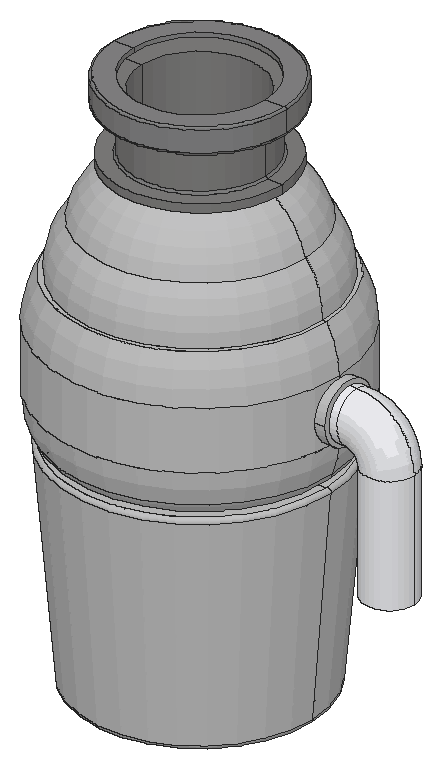
Revit family "Waste King Legend 8000", category Specialty Equipment, Revit 2012
Parameters (values of type "Legend 8000")
  URL = "http://www.waveplumbing.com/store/index.php?main_page=product_info&manufacturers_id=52&products_id=3409"
  Model = "Legend 8000"
  Manufacturer = "Waste King"
  Description = "1 HP Legend Series Garbage Disposer"
  Cost = 180
  Assembly Code = "E1090200"
Reference planes (in)
  plane 1 "Center (Front/Back)": y = 0
  plane 2: z = 0
  plane 3 "Center (Left/Right)": x = 0
  plane 4: x = 4.25
  plane 5: z = -9.5
  plane 6: z = -8
  plane 7: z = -6.5
  plane 8: z = -5
  plane 9: z = -3.5
  plane 10 "Drain": x = 4.5
  plane 11: z = -16.0625
Forms (in)
  Revolve 1, solid
    sketch origin (0, 0, 0) x (1, 0, 0) y (0, 0, 1)
      loop
        line (1.75, 0) -> (1.75, -2) -> (2.5, -2) -> (2.5, -1.75) -> (2.0625, -1.75)
        arc (2.0625, -1.75) -> (2.01831, -1.73169) -> (2, -1.6875) r 0.0625
        line (2, -1.6875) -> (2, -0.25) -> (2.5, -0.25) -> (2.5, 0) -> (1.75, 0)
      axis (0, 0) -> (0, -2)
    angle from 0 to 360
  Revolve 2, solid
    sketch origin (0, 0, 0) x (1, 0, 0) y (0, 0, 1)
      loop
        line (2.5, -0.25) -> (2, -0.25) -> (2, -0.375) -> (2.5625, -0.375)
        arc (2.5625, -0.375) -> (2.60669, -0.35669) -> (2.625, -0.3125) r 0.0625
        line (2.625, -0.3125) -> (2.625, 0.3125)
        arc (2.625, 0.3125) -> (2.60669, 0.35669) -> (2.5625, 0.375) r 0.0625
        line (2.5625, 0.375) -> (2, 0.375) -> (2, 0.25) -> (2.5, 0.25) -> (2.5, -0.25)
      axis (0, 0.375) -> (0, -0.375)
    angle from 0 to 360
  Revolve 3, solid
    sketch origin (0, 0, 0) x (1, 0, 0) y (0, 0, 1)
      loop
        arc (4.25, -6.32378) -> (4.13618, -5.63543) -> (3.84808, -5) r 2.67262
        line (3.84808, -5) -> (3.72308, -5)
        arc (3.72308, -5) -> (3.60668, -4.20116) -> (3.20658, -3.5) r 2.17195
        arc (3.20658, -3.5) -> (2.74659, -2.59774) -> (1.92906, -2) r 2.18392
        line (1.92906, -2) -> (1.88069, -2) -> (1.88069, -2.11526)
        arc (1.88069, -2.11526) -> (2.66107, -2.69019) -> (3.09191, -3.55847) r 2.05892
        arc (3.09191, -3.55847) -> (3.50432, -4.28971) -> (3.58851, -5.125) r 2.04695
        line (3.58851, -5.125) -> (3.77753, -5.125)
        arc (3.77753, -5.125) -> (4.02607, -5.70379) -> (4.125, -6.32586) r 2.54762
        line (4.125, -6.32586) -> (4.125, -8.0729)
        arc (4.125, -8.0729) -> (4.06645, -8.5585) -> (3.90832, -9.02135) r 2.34181
        arc (3.90832, -9.02135) -> (3.74094, -9.24276) -> (3.4969, -9.375) r 0.65513
        line (3.4969, -9.375) -> (0, -9.375) -> (0, -9.5) -> (3.51392, -9.5)
        arc (3.51392, -9.5) -> (3.81534, -9.34357) -> (4.02174, -9.07389) r 0.78013
        arc (4.02174, -9.07389) -> (4.18842, -8.58587) -> (4.25, -8.07385) r 2.46681
        line (4.25, -8.07385) -> (4.25, -6.32378)
      axis (0, -2) -> (0, -9.5)
    angle from 0 to 360
  Extrusion 4, solid
    sketch origin (4.5, 0, 0) x (0, 0, 1) y (0, -1, 0)
      loop
        circle (-7.25, 0) r 0.875
    from 0 to -0.54667
  Sweep 5, solid
    path origin (0, 0, 0) x (1, 0, 0) y (0, 0, 1)
      loop
        line (4.5, -7.25) -> (4.75, -7.25)
        arc (4.75, -7.25) -> (5.45711, -7.54289) -> (5.75, -8.25) r 1
        line (5.75, -8.25) -> (5.75, -11.75)
    profile origin (4.625, 0, -7.25) x (0, 0, 1) y (0, -1, 0)
      loop
        circle (0, 0) r 0.75
  Sweep 6, void
    path origin (0, 0, 0) x (1, 0, 0) y (0, 0, 1)
      loop
        line (4.5, -7.25) -> (4.75, -7.25)
        arc (4.75, -7.25) -> (5.45711, -7.54289) -> (5.75, -8.25) r 1
        line (5.75, -8.25) -> (5.75, -11.75)
    profile origin (4.625, 0, -7.25) x (0, 0, 1) y (0, -1, 0)
      loop
        circle (0, 0) r 0.625
  Revolve 7, solid
    sketch origin (0, 0, 0) x (1, 0, 0) y (0, 0, 1)
      loop
        line (0, -9.5) -> (0, -16.0625) -> (3.29635, -16.0625)
        arc (3.29635, -16.0625) -> (3.3808, -16.02966) -> (3.42087, -15.94839) r 0.125
        line (3.42087, -15.94839) -> (3.97314, -9.63589)
        arc (3.97314, -9.63589) -> (3.94078, -9.54055) -> (3.84862, -9.5) r 0.125
        line (3.84862, -9.5) -> (0, -9.5)
      axis (0, -9.5) -> (0, -16.0625)
    angle from 0 to 360
Cuts and joins
  Sweep 6 cuts Revolve 3
  Sweep 6 cuts Extrusion 4
  joined: Revolve 3, Extrusion 4
  Sweep 6 cuts Sweep 5
Lines and regions (in)
  symbolic lines, style "SpecialityEquipmentHiddenLines"
    curve 1: circle (0, 0, 0) r 4.25 normal (0, 0, 1)
Dimensions and locks (in)
  aligned and locked: level to plane 2
  aligned and locked: Revolve 1 sketch curve to level
  aligned and locked: Revolve 1 sketch curve to Revolve 1 sketch curve
  aligned and locked: Revolve 1 sketch curve to plane 3 "Center (Left/Right)"
  aligned and locked: Revolve 2 sketch curve to Revolve 1
  aligned and locked: Revolve 2 sketch curve to Revolve 2 sketch curve  (x3)
  aligned and locked: Revolve 2 sketch curve to plane 3 "Center (Left/Right)"
  aligned and locked: Revolve 3 sketch curve to plane 4
  aligned and locked: Revolve 3 sketch curve to plane 5
  aligned and locked: Revolve 3 sketch curve to plane 3 "Center (Left/Right)"  (x2)
  aligned and locked: Revolve 7 sketch curve to plane 5
  aligned and locked: Revolve 7 sketch curve to plane 11
  aligned and locked: Revolve 7 sketch curve to plane 3 "Center (Left/Right)"  (x2)
